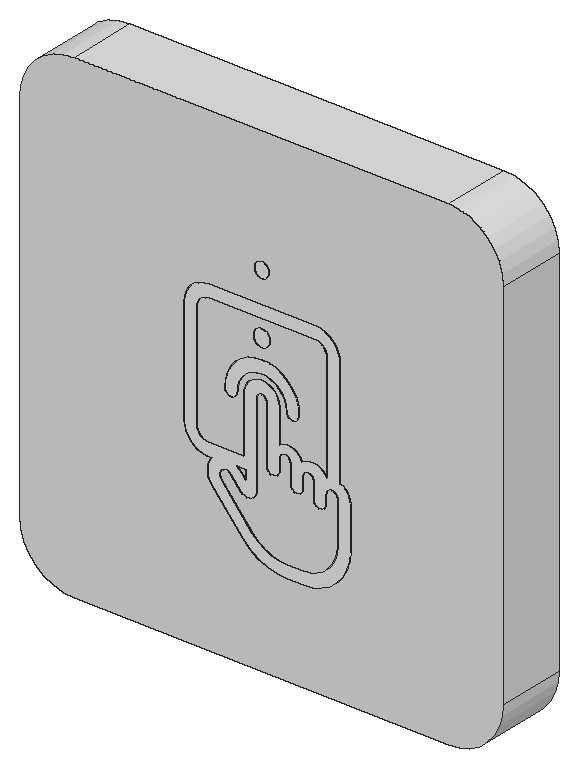
Revit family "Сенсорная кнопка AGRG AXI_тип модель", category Охранная сигнализация, Revit 2019
Family settings
  Сохранять ориентацию аннотаций = Нет
  Размер круглого соединителя = Использовать диаметр
  Тип детали = Нормальный
  На основе рабочей плоскости = Нет
  Всегда вертикально = Да
  При загрузке вырезать с полостями = Нет
  Общий = Нет
  Точка расчета площади = Нет
Parameters (values of type "Сенсорная кнопка AGRG AXI «Арктический белый»")
  УГО_Наличие [instance] = yes
  Стоимость = 0
  Отступ по X [instance] = УГО_Отступ по X * 10 + 4000 mm  # 4010.018 mm
  УГО_Отступ по X [instance] = 1.002 mm
  Отступ по Y [instance] = УГО_Отступ по Y * 10 + 4000 mm  # 4250 mm
  УГО_Отступ по Y [instance] = 25 mm
  Описание = "ITV"  # constant formula
  Нанесение на считыватель узора, текстуры или логотипа заказчика [instance] = no
  Нанесение на считыватель узора из галереи сайта AGRG [instance] = no
  Материал = Пластмасса, непрозрачная, белая
  Корпус из массива дерева (из галереи AGRG) [instance] = no
  Изображение типоразмера = SQ.png
  Выбор цвета корпуса (акрил) из галереи AGRG [instance] = no
  URL = "https://skud.agrg.ru/accessory/axi-buttons"
  ITV_SUB_УГО на структурной схеме = "УГО_Кнопка выход"  # constant formula
  ADSK_Ток тревожного режима [instance] = 0 A
  ADSK_Ток дежурного режима [instance] = 0 A
  ADSK_Принадлежность к разделу [instance] = ""
  ADSK_Примечание [instance] = ""
  ADSK_Полная мощность [instance] = ADSK_Номинальная мощность / ADSK_Коэффициент мощности  # 0 VA
  ADSK_Позиция [instance] = ""
  ADSK_Обозначение = "SQ"  # constant formula
  ADSK_Номинальная мощность [instance] = 0 W
  ADSK_Номер устройства [instance] = ""
  ADSK_Номер точки доступа [instance] = ""
  ADSK_Номер контроллера [instance] = ""
  ADSK_Нижний порог напряжения = 8 V
  ADSK_Напряжение [instance] = 12 V
  ADSK_Наименование краткое = "Кнопка выход"
  ADSK_Наименование = "Кнопка выхода для СКУД AGRG AXI \"Арктический белый\""
  ADSK_Масса = 0.06  # constant formula
  ADSK_Марка = "AGRG AXI"  # constant formula
  ADSK_Коэффициент мощности = 1
  ADSK_Количество фаз = 1
  ADSK_Количество = 1  # constant formula
  ADSK_Код изделия = "AXIBTNAW"
  ADSK_Классификация нагрузок = Прочее
  ADSK_Имя источника питания [instance] = ""
  ADSK_Завод-изготовитель = "ООО «Агрегатор»"  # constant formula
  ADSK_Единица измерения = "шт."  # constant formula
  ADSK_Группирование = "1. Оборудование"  # constant formula
  ADSK_Верхний порог напряжения = 15 V
  ADSK_Версия семейства = ""
Types (3, lengths in mm): name | Материал | ADSK_Наименование | ADSK_Код изделия
  Сенсорная кнопка AGRG AXI «Арктический белый» | Пластмасса, непрозрачная, белая | "Кнопка выхода для СКУД AGRG AXI \"Арктический белый\"" | "AXIBTNAW"
  Сенсорная кнопка AGRG AXI «Люксовый Мандарин» | Пластмасса, непрозрачная, оранжевая | "Кнопка выхода для СКУД AGRG AXI \"Люксовый мандарин\"" | "AXIBTNLM"
  Сенсорная кнопка AGRG AXI «Имперский черный» | Пластмасса, непрозрачная, черная | "Кнопка выхода для СКУД AGRG AXI \"Имперский черный\"" | "AXIBTNIBL"
Reference planes
  plane 1 "По центру (Вперед/Назад)": y = 0
  plane 2: z = 0
  plane 3 "По центру (Влево/Вправо)": x = 0
  plane 4: x = -4000
  plane 5: y = 4000
Forms (mm)
  Extrusion 1, solid, not visible
    sketch origin (0, -88.457, 0) x (1, 0, 0) y (0, 1, 0)
      loop
        line (42.426, 88.457) -> (42.426, 107.069) -> (-42.426, 107.069) -> (-42.426, 88.457) -> (42.426, 88.457)
    from 0 to -28.218
Lines and regions (mm)
  reference lines
    curve 1: line (7.518, -250, 0) -> (12.518, -250, 0)
    curve 2: line (10.018, -247.5, 0) -> (10.018, -252.5, 0)
Dimensions and locks
  plane 4 to plane 3 "По центру (Влево/Вправо)" = 4000 mm
  plane 5 to plane 1 "По центру (Вперед/Назад)" = 4000 mm
  equal spacing: Extrusion 1 sketch curve, plane 3 "По центру (Влево/Вправо)", Extrusion 1 sketch curve
  "Отступ по Y": curve 1 to plane 5
  "Отступ по X": plane 4 to curve 2
  aligned and locked: level to plane 2
  aligned and locked: nested 1 to curve 1  (x3)
  aligned and locked: nested 1 to curve 2  (x2)
Automatic sketch dimensions
  plane 1 "По центру (Вперед/Назад)" to Extrusion 1 sketch curve = 0 mm
  Extrusion 1 sketch curve to plane 3 "По центру (Влево/Вправо)" = 42.426 mm
  Extrusion 1 sketch curve to Extrusion 1 sketch curve = 18.612 mm
  curve 1 to curve 2 = 2.5 mm  (x2)
  curve 2 to curve 1 = 2.5 mm  (x2)
Nested families
  nested 1: "УГО_Кнопка выход" at (10.018, -250, 0), visible <- "УГО_Наличие", type "УГО_Кнопка выход", detail levels coarse+medium
  nested 2: "AGRG AXI_на грани" at (0, 0, -26.5) x (1, 0, 0) z (0, -1, 0), Материал <- "Материал", type "AGRG AXI_на грани", detail levels fine
    with Материал Пластмасса, непрозрачная, белая
  nested 3: "AGRG AXI_на грани" at (0, 26.5, 0), Материал <- "Материал", type "AGRG AXI_на грани", not visible, detail levels fine
    with Материал Пластмасса, непрозрачная, белая
  nested 4: "AXI CUSTOM_тип модель" at (-2, -1, -6), visible <- "Корпус из массива дерева (из галереи AGRG)", ADSK_Группирование <- "ADSK_Группирование", ADSK_Принадлежность к разделу <- "ADSK_Принадлежность к разделу", type "Корпус из массива дерева (из галереи AGRG)"
    with ADSK_Принадлежность к разделу "", ADSK_Группирование "1. Оборудование"
  nested 5: "AXI CUSTOM_тип модель" at (-6.012, -1, -6), visible <- "Выбор цвета корпуса (акрил) из галереи AGRG", ADSK_Группирование <- "ADSK_Группирование", ADSK_Принадлежность к разделу <- "ADSK_Принадлежность к разделу", type "Выбор цвета корпуса (акрил) из галереи AGRG"
    with ADSK_Принадлежность к разделу "", ADSK_Группирование "1. Оборудование"
  nested 6: "AXI CUSTOM_тип модель" at (2, -1, -6) x (-1, 0, 0) z (0, 0, 1), visible <- "Нанесение на считыватель узора из галереи сайта AGRG", ADSK_Группирование <- "ADSK_Группирование", ADSK_Принадлежность к разделу <- "ADSK_Принадлежность к разделу", type "Нанесение на считыватель узора из галереи сайта AGRG"
    with ADSK_Принадлежность к разделу "", ADSK_Группирование "1. Оборудование"
  nested 7: "AXI CUSTOM_тип модель" at (6.012, -1, -6) x (-1, 0, 0) z (0, 0, 1), visible <- "Нанесение на считыватель узора, текстуры или логотипа заказчика", ADSK_Группирование <- "ADSK_Группирование", ADSK_Принадлежность к разделу <- "ADSK_Принадлежность к разделу", type "Нанесение на считыватель узора, текстуры или логотипа заказчика"
    with ADSK_Принадлежность к разделу "", ADSK_Группирование "1. Оборудование"
Connectors
  electrical at (0, 0, 0)
    settings: on plane 1 "По центру (Вперед/Назад)", index 1, voltage 0 V, apparent load 0 VA, apparent load phase1 0 VA, apparent load phase2 0 VA, apparent load phase3 0 VA, power factor 1, load classification "Прочее", number of poles 1, system type 10, power factor state 1, is connector primary yes, connector utility no, sub classification motor no, connector description ""
  electrical at (0, 0, 0), driven by "ADSK_Количество фаз", driven by "ADSK_Классификация нагрузок", driven by "ADSK_Напряжение", driven by "ADSK_Полная мощность", driven by "ADSK_Коэффициент мощности"
    settings: on plane 1 "По центру (Вперед/Назад)", index 2, voltage 12 V, apparent load 0 VA, apparent load phase1 0 VA, apparent load phase2 0 VA, apparent load phase3 0 VA, power factor 1, load classification "Прочее", number of poles 1, system type 30, power factor state 1, is connector primary no, connector utility no, sub classification motor no, connector description ""
Definition of nested family "AGRG AXI_на грани"
  Parameters (values of type "AGRG AXI_на грани")
    Default Elevation = 1219.2 mm
    Материал [instance] = none
  Reference planes
    plane 1 "По центру (Вперед/Назад)": y = 0
    plane 2: z = 0
    plane 3 "По центру (Влево/Вправо)": x = 0
    plane 4: x = -26.5
    plane 5: y = 26.5
    plane 6: x = 26.5
    plane 7: y = -26.5
  Forms (mm)
    Extrusion 1, solid
      sketch origin (0, 0, 0) x (1, 0, 0) y (0, 1, 0)
        loop
          line (-1219.2, 1219.2) -> (-1219.2, -1219.2) -> (1219.2, -1219.2) -> (1219.2, 1219.2) -> (-1219.2, 1219.2)
      from 0 to -304.8
    Extrusion 2, solid, material <- "Материал"
      sketch origin (0, 0, 0) x (1, 0, 0) y (0, 1, 0)
        loop
          line (-26.5, 20.5) -> (-26.5, -20.526)
          arc (-26.5, -20.526) -> (-24.75, -24.75) -> (-20.526, -26.5) r 5.974
          line (-20.526, -26.5) -> (20.5, -26.5)
          arc (20.5, -26.5) -> (24.743, -24.743) -> (26.5, -20.5) r 6
          line (26.5, -20.5) -> (26.5, 20.5)
          arc (26.5, 20.5) -> (24.743, 24.743) -> (20.5, 26.5) r 6
          line (20.5, 26.5) -> (-20.5, 26.5)
          arc (-20.5, 26.5) -> (-24.743, 24.743) -> (-26.5, 20.5) r 6
      from 0 to 7.5
    Extrusion 3, void
      sketch origin (9.343, -9.957, 0) x (1, 0, 0) y (0, 1, 0)
        loop
          circle (-9.343, 22.812) r 0.8
      from 6.5 to 7.5
    Extrusion 4, solid
      sketch origin (9.343, -9.957, 0) x (1, 0, 0) y (0, 1, 0)
        loop
          circle (-9.343, 22.812) r 0.8
      from 6.5 to 7.5
    Extrusion 5, solid
      sketch origin (0, 0, 0) x (1, 0, 0) y (0, 1, 0)
        loop
          arc (-4.084, 0) -> (-3.384, -0.7) -> (-2.684, 0) r 0.7
          arc (-2.684, 0) -> (0, 2.684) -> (2.684, 0) r 2.684
          arc (2.684, 0) -> (3.384, -0.7) -> (4.084, 0) r 0.7
          arc (4.084, 0) -> (0, 4.084) -> (-4.084, 0) r 4.084
        loop
          arc (-2.123, -14.149) -> (0.086, -15.845) -> (2.806, -16.448) r 6.435
          line (2.806, -16.448) -> (4.586, -16.448)
          arc (4.586, -16.448) -> (8.189, -14.956) -> (9.681, -11.353) r 5.095
          line (9.681, -11.353) -> (9.681, -6.702)
          arc (9.681, -6.702) -> (9.366, -5.711) -> (8.537, -5.083) r 1.717
          line (8.537, -5.083) -> (8.537, 6.748)
          arc (8.537, 6.748) -> (7.75, 8.648) -> (5.849, 9.435) r 2.688
          line (5.849, 9.435) -> (-5.859, 9.435)
          arc (-5.859, 9.435) -> (-7.753, 8.651) -> (-8.537, 6.757) r 2.678
          line (-8.537, 6.757) -> (-8.537, -4.748)
          arc (-8.537, -4.748) -> (-7.624, -6.779) -> (-5.5, -7.446) r 2.717
          arc (-5.5, -7.446) -> (-5.975, -8.803) -> (-5.478, -10.152) r 2.125
          line (-5.478, -10.152) -> (-2.123, -14.149)
        loop
          arc (1.921, -3.59) -> (3.376, -3.4) -> (4.419, -4.431) r 1.67
          arc (4.419, -4.431) -> (5.906, -4.091) -> (7.137, -4.992) r 1.837
          line (7.137, -4.992) -> (7.137, 6.748)
          arc (7.137, 6.748) -> (6.76, 7.658) -> (5.849, 8.035) r 1.288
          line (5.849, 8.035) -> (-5.859, 8.035)
          arc (-5.859, 8.035) -> (-6.763, 7.661) -> (-7.137, 6.757) r 1.278
          line (-7.137, 6.757) -> (-7.137, -4.748)
          arc (-7.137, -4.748) -> (-6.751, -5.679) -> (-5.82, -6.065) r 1.317
          line (-5.82, -6.065) -> (-1.965, -6.065) -> (-1.965, 0.081)
          arc (-1.965, 0.081) -> (-1.39, 1.47) -> (0, 2.044) r 1.963
          arc (0, 2.044) -> (1.358, 1.483) -> (1.921, 0.125) r 1.918
          line (1.921, 0.125) -> (1.921, -3.59)
        loop
          line (-0.565, 0.081) -> (-0.565, -9.047)
          arc (-0.565, -9.047) -> (-1.214, -9.973) -> (-2.306, -9.681) r 0.986
          line (-2.306, -9.681) -> (-3.401, -8.377)
          arc (-3.401, -8.377) -> (-3.858, -8.131) -> (-4.358, -8.268) r 0.699
          arc (-4.358, -8.268) -> (-4.574, -8.751) -> (-4.405, -9.252) r 0.725
          line (-4.405, -9.252) -> (-1.051, -13.249)
          arc (-1.051, -13.249) -> (0.678, -14.576) -> (2.806, -15.048) r 5.035
          line (2.806, -15.048) -> (4.586, -15.048)
          arc (4.586, -15.048) -> (7.199, -13.966) -> (8.281, -11.353) r 3.695
          line (8.281, -11.353) -> (8.281, -6.702)
          arc (8.281, -6.702) -> (7.663, -6.084) -> (7.045, -6.702) r 0.618
          line (7.045, -6.702) -> (7.045, -7.661)
          arc (7.045, -7.661) -> (6.345, -8.361) -> (5.645, -7.661) r 0.7
          line (5.645, -7.661) -> (5.645, -5.828)
          arc (5.645, -5.828) -> (5.079, -5.262) -> (4.512, -5.828) r 0.566
          line (4.512, -5.828) -> (4.512, -7.027)
          arc (4.512, -7.027) -> (3.812, -7.727) -> (3.112, -7.027) r 0.7
          line (3.112, -7.027) -> (3.112, -4.982)
          arc (3.112, -4.982) -> (2.517, -4.387) -> (1.921, -4.982) r 0.596
          line (1.921, -4.982) -> (1.921, -6.178)
          arc (1.921, -6.178) -> (1.221, -6.878) -> (0.521, -6.178) r 0.7
          line (0.521, -6.178) -> (0.521, 0.125)
          arc (0.521, 0.125) -> (0.368, 0.493) -> (0, 0.644) r 0.518
          arc (0, 0.644) -> (-0.4, 0.48) -> (-0.565, 0.081) r 0.563
        loop
          arc (-2.735, -7.323) -> (-2.189, -7.799) -> (-1.714, -8.344) r 5.317
          line (-1.714, -8.344) -> (-1.714, -7.323) -> (-2.735, -7.323)
        loop
          circle (0, 6.196) r 0.916
      from 6.5 to 7.5
    Extrusion 6, void
      sketch origin (0, 0, 0) x (1, 0, 0) y (0, 1, 0)
        loop
          arc (-4.084, 0) -> (-3.384, -0.7) -> (-2.684, 0) r 0.7
          arc (-2.684, 0) -> (0, 2.684) -> (2.684, 0) r 2.684
          arc (2.684, 0) -> (3.384, -0.7) -> (4.084, 0) r 0.7
          arc (4.084, 0) -> (0, 4.084) -> (-4.084, 0) r 4.084
        loop
          arc (-2.123, -14.149) -> (0.086, -15.845) -> (2.806, -16.448) r 6.435
          line (2.806, -16.448) -> (4.586, -16.448)
          arc (4.586, -16.448) -> (8.189, -14.956) -> (9.681, -11.353) r 5.095
          line (9.681, -11.353) -> (9.681, -6.702)
          arc (9.681, -6.702) -> (9.366, -5.711) -> (8.537, -5.083) r 1.717
          line (8.537, -5.083) -> (8.537, 6.748)
          arc (8.537, 6.748) -> (7.75, 8.648) -> (5.849, 9.435) r 2.688
          line (5.849, 9.435) -> (-5.859, 9.435)
          arc (-5.859, 9.435) -> (-7.753, 8.651) -> (-8.537, 6.757) r 2.678
          line (-8.537, 6.757) -> (-8.537, -4.748)
          arc (-8.537, -4.748) -> (-7.624, -6.779) -> (-5.5, -7.446) r 2.717
          arc (-5.5, -7.446) -> (-5.975, -8.803) -> (-5.478, -10.152) r 2.125
          line (-5.478, -10.152) -> (-2.123, -14.149)
        loop
          arc (1.921, -3.59) -> (3.376, -3.4) -> (4.419, -4.431) r 1.67
          arc (4.419, -4.431) -> (5.906, -4.091) -> (7.137, -4.992) r 1.837
          line (7.137, -4.992) -> (7.137, 6.748)
          arc (7.137, 6.748) -> (6.76, 7.658) -> (5.849, 8.035) r 1.288
          line (5.849, 8.035) -> (-5.859, 8.035)
          arc (-5.859, 8.035) -> (-6.763, 7.661) -> (-7.137, 6.757) r 1.278
          line (-7.137, 6.757) -> (-7.137, -4.748)
          arc (-7.137, -4.748) -> (-6.751, -5.679) -> (-5.82, -6.065) r 1.317
          line (-5.82, -6.065) -> (-1.965, -6.065) -> (-1.965, 0.081)
          arc (-1.965, 0.081) -> (-1.39, 1.47) -> (0, 2.044) r 1.963
          arc (0, 2.044) -> (1.358, 1.483) -> (1.921, 0.125) r 1.918
          line (1.921, 0.125) -> (1.921, -3.59)
        loop
          line (-0.565, 0.081) -> (-0.565, -9.047)
          arc (-0.565, -9.047) -> (-1.214, -9.973) -> (-2.306, -9.681) r 0.986
          line (-2.306, -9.681) -> (-3.401, -8.377)
          arc (-3.401, -8.377) -> (-3.858, -8.131) -> (-4.358, -8.268) r 0.699
          arc (-4.358, -8.268) -> (-4.574, -8.751) -> (-4.405, -9.252) r 0.725
          line (-4.405, -9.252) -> (-1.051, -13.249)
          arc (-1.051, -13.249) -> (0.678, -14.576) -> (2.806, -15.048) r 5.035
          line (2.806, -15.048) -> (4.586, -15.048)
          arc (4.586, -15.048) -> (7.199, -13.966) -> (8.281, -11.353) r 3.695
          line (8.281, -11.353) -> (8.281, -6.702)
          arc (8.281, -6.702) -> (7.663, -6.084) -> (7.045, -6.702) r 0.618
          line (7.045, -6.702) -> (7.045, -7.661)
          arc (7.045, -7.661) -> (6.345, -8.361) -> (5.645, -7.661) r 0.7
          line (5.645, -7.661) -> (5.645, -5.828)
          arc (5.645, -5.828) -> (5.079, -5.262) -> (4.512, -5.828) r 0.566
          line (4.512, -5.828) -> (4.512, -7.027)
          arc (4.512, -7.027) -> (3.812, -7.727) -> (3.112, -7.027) r 0.7
          line (3.112, -7.027) -> (3.112, -4.982)
          arc (3.112, -4.982) -> (2.517, -4.387) -> (1.921, -4.982) r 0.596
          line (1.921, -4.982) -> (1.921, -6.178)
          arc (1.921, -6.178) -> (1.221, -6.878) -> (0.521, -6.178) r 0.7
          line (0.521, -6.178) -> (0.521, 0.125)
          arc (0.521, 0.125) -> (0.368, 0.493) -> (0, 0.644) r 0.518
          arc (0, 0.644) -> (-0.4, 0.48) -> (-0.565, 0.081) r 0.563
        loop
          arc (-2.735, -7.323) -> (-2.189, -7.799) -> (-1.714, -8.344) r 5.317
          line (-1.714, -8.344) -> (-1.714, -7.323) -> (-2.735, -7.323)
        loop
          circle (0, 6.196) r 0.916
      from 6.5 to 7.5
  Cuts and joins
    Extrusion 3, Extrusion 6 cuts Extrusion 2
  Dimensions and locks
    plane 4 to plane 3 "По центру (Влево/Вправо)" to plane 6 = 26.5 mm, 26.5 mm
    plane 7 to plane 1 "По центру (Вперед/Назад)" to plane 5 = 26.5 mm, 26.5 mm
    aligned and locked: plane 2 to Extrusion 1
    aligned and locked: level to Extrusion 1
Definition of nested family "AXI CUSTOM_тип модель"
  Parameters (values of type "Корпус из массива дерева (из галереи AGRG)")
    Description = "ITV"  # constant formula
    ADSK_Принадлежность к разделу [instance] = ""
    ADSK_Наименование = "Корпус из массива дерева (из галереи AGRG)"
    ADSK_Масса = 0
    ADSK_Марка = "AGRG AXI CUSTOM"
    ADSK_Количество = 1
    ADSK_Код изделия = "AXICSTWBX"
    ADSK_Завод-изготовитель = "ООО «Агрегатор»"  # constant formula
    ADSK_Единица измерения = "шт."  # constant formula
    ADSK_Группирование [instance] = ""
  Types (5, lengths in mm): name | ADSK_Наименование | ADSK_Код изделия
    (no name) | "Корпус из массива дерева (из галереи AGRG)" | "AXICSTWBX"
    Нанесение на считыватель узора из галереи сайта AGRG | "Нанесение на считыватель узора из галереи сайта AGRG" | "AXIAGRGPTN"
    Нанесение на считыватель узора, текстуры или логотипа заказчика | "Нанесение на считыватель узора, текстуры или логотипа заказчика" | "AXICSTPTN"
    Выбор цвета корпуса (акрил) из галереи AGRG | "Выбор цвета корпуса (акрил) из галереи AGRG" | "AXICSTBX"
    Корпус из массива дерева (из галереи AGRG) | "Корпус из массива дерева (из галереи AGRG)" | "AXICSTWBX"
  Reference planes
    plane 1 "По центру (Вперед/Назад)": y = 0
    plane 2: z = 0
    plane 3 "По центру (Влево/Вправо)": x = 0
  Forms (mm)
    Extrusion 1, solid, detail levels fine
      sketch origin (0, 0, 0) x (1, 0, 0) y (0, 1, 0)
        loop
          line (-1, 1) -> (-1, -1) -> (1, -1) -> (1, 1) -> (-1, 1)
      from 0 to 2
  Dimensions and locks
    Extrusion 1 sketch curve to plane 3 "По центру (Влево/Вправо)" to Extrusion 1 sketch curve = 1 mm, 1 mm
    Extrusion 1 sketch curve to plane 1 "По центру (Вперед/Назад)" to Extrusion 1 sketch curve = 1 mm, 1 mm
    aligned and locked: level to plane 2
Definition of nested family "УГО_Кнопка выход"
  Reference planes
    plane 1: y = 0
    plane 2: x = 0
  Lines and regions (mm)
    Masking region 1
      outline origin (0, 0, 0) x (1, 0, 0) y (0, 1, 0)
        loop
          line (-0.4, -2.5) -> (0.4, -2.5)
          arc (0.4, -2.5) -> (1.885, -1.885) -> (2.5, -0.4) r 2.1
          line (2.5, -0.4) -> (2.5, 0.4)
          arc (2.5, 0.4) -> (1.885, 1.885) -> (0.4, 2.5) r 2.1
          line (0.4, 2.5) -> (-0.4, 2.5)
          arc (-0.4, 2.5) -> (-1.885, 1.885) -> (-2.5, 0.4) r 2.1
          line (-2.5, 0.4) -> (-2.5, -0.4)
          arc (-2.5, -0.4) -> (-1.885, -1.885) -> (-0.4, -2.5) r 2.1
    Filled region 1, type "Цветовая область (Фиолетовый)"
      outline origin (0, 0, 0) x (1, 0, 0) y (0, 1, 0)
        loop
          circle (0, 0) r 1.25
    Masking region 2, not visible
      outline origin (0, 0, 0) x (1, 0, 0) y (0, 1, 0)
        loop
          line (-0.4, -2.5) -> (0.4, -2.5)
          arc (0.4, -2.5) -> (1.885, -1.885) -> (2.5, -0.4) r 2.1
          line (2.5, -0.4) -> (2.5, 0.4)
          arc (2.5, 0.4) -> (1.885, 1.885) -> (0.4, 2.5) r 2.1
          line (0.4, 2.5) -> (-0.4, 2.5)
          arc (-0.4, 2.5) -> (-1.885, 1.885) -> (-2.5, 0.4) r 2.1
          line (-2.5, 0.4) -> (-2.5, -0.4)
          arc (-2.5, -0.4) -> (-1.885, -1.885) -> (-0.4, -2.5) r 2.1
    Filled region 2, type "Цветовая область (Фиолетовый)", not visible
      outline origin (0, 0, 0) x (1, 0, 0) y (0, 1, 0)
        loop
          circle (0, 0) r 1.25
    detail lines
      curve 1: line (0, 2.5, 0) -> (0, -2.5, 0)
      curve 2: line (-2.5, 0, 0) -> (2.5, 0, 0)
      curve 5: circle (0, 0, 0) r 2.5 normal (0, 0, 1)
    detail lines, not visible
      curve 3: line (0, 2.5, 0) -> (0, -2.5, 0)
      curve 4: line (-2.5, 0, 0) -> (2.5, 0, 0)
      curve 6: circle (0, 0, 0) r 2.5 normal (0, 0, 1)
